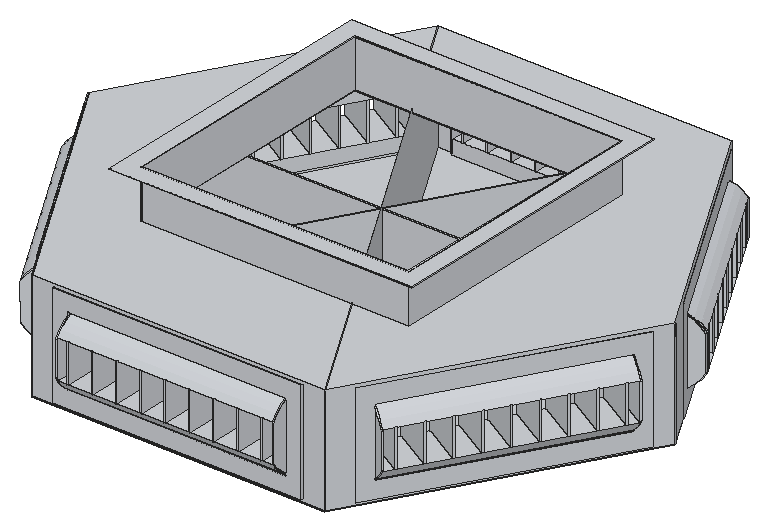
Revit family "DPD-6", category Mechanical Equipment, Revit 2015
Parameters (values of type "DPD6-10 (4000 cfm)")
  URL = "http://unitedenertech.com/catalog/pdf/H_4%20DPD-6.pdf"
  Type Comments = "Size Options are Listed as Family Types"
  T = 1' - 10"
  Model = "DPD-6"
  Manufacturer = "United Enertech Corporation"
  Grille Length = 1' - 6"
  Grille Height = 0' - 6"
  F = 0' - 9"
  Description = "Drop Diffuser / Plenum"
  B = 3' - 6"
Types (11): name | T | Grille Length | Grille Height | F | B
  (no name) | 1' - 10" | 1' - 6" | 0' - 6" | 0' - 9" | 3' - 6"
  DPD6-20 (8000 cfm) | 2' - 6" | 1' - 8" | 0' - 10" | 1' - 1" | 4' - 0"
  DPD6-5 (2000 cfm) | 1' - 2" | 0' - 9" | 0' - 6" | 0' - 9" | 2' - 4"
  DPD6-50 (20000 cfm) | 3' - 8" | 2' - 11" | 1' - 0" | 1' - 3" | 5' - 10"
  DPD6-7.5 (3000 cfm) | 1' - 6" | 1' - 0" | 0' - 6" | 0' - 9" | 2' - 7"
  DPD6-10 (4000 cfm) | 1' - 10" | 1' - 6" | 0' - 6" | 0' - 9" | 3' - 6"
  DPD6-12.5 (5000 cfm) | 2' - 0" | 2' - 0" | 0' - 6" | 0' - 9" | 4' - 4"
  DPD6-15 (6000 cfm) | 2' - 4" | 1' - 8" | 0' - 10" | 1' - 1" | 4' - 0"
  DPD6-25 (10000 cfm) | 3' - 0" | 2' - 1" | 0' - 10" | 1' - 1" | 4' - 6"
  DPD6-30 (12000 cfm) | 3' - 2" | 1' - 8" | 1' - 0" | 1' - 3" | 5' - 0"
  DPD6-40 (16000 cfm) | 3' - 4" | 2' - 6" | 1' - 0" | 1' - 3" | 5' - 7"
Reference planes (in)
  plane 1 "Center (Front/Back)": y = 0
  plane 2: z = 0
  plane 3 "Center (Left/Right)": x = 0
  plane 4: x = -11
  plane 5: x = 11
  plane 6: y = -11
  plane 7: y = 11
  plane 8: x = -12.5
  plane 9: x = 12.5
  plane 10: y = -12.5
  plane 11: y = 12.5
  plane 12: z = 4
  plane 13: z = 3.96
  plane 14: x = -11.04
  plane 15: x = 11.04
  plane 16: y = -11.04
  plane 17: y = 11.04
  plane 18: y = 21
  plane 19: y = -21
  plane 20: through (0, 0, 48) normal (-0.866, -0.5, 0)
  plane 21: through (-11.25833, -22.5, 48) normal (-0.866, -0.5, 0)
  plane 22: through (25.11474, -1.5, 48) normal (-0.866, -0.5, 0)
  plane 23: through (0, 0, 48) normal (-0.866, 0.5, 0)
  plane 24: through (-25.11474, -1.5, 48) normal (-0.866, 0.5, 0)
  plane 25: through (11.25833, -22.5, 48) normal (-0.866, 0.5, 0)
  plane 26: z = -0.04
  plane 27: z = -9
  plane 28: z = -8.96
  plane 29: through (0, 0, 48) normal (0.866, -0.5, 0)
  plane 30: through (0, 0, 48) normal (0.866, 0.5, 0)
  plane 31: y = -20.9375
  plane 32: y = 20.9375
  plane 33: through (-64.14902, 69.23436, 48) normal (0.866, 0.5, 0)
  plane 34: through (-27.8842, 90.17186, 48) normal (0.866, 0.5, 0)
  plane 35: through (47.16602, 123.56894, 48) normal (0.866, -0.5, 0)
  plane 36: through (83.43083, 102.63144, 48) normal (0.866, -0.5, 0)
  plane 37: x = -9
  plane 38: x = 9
  plane 39: z = -1.5
  plane 40: z = -7.5
  plane 41: z = -4.5
  plane 42: y = -20.6875
  plane 43: y = -21.25
  plane 44: y = 20.6875
  plane 45: y = 21.25
  plane 46: through (-21.29897, -10.9841, 48) normal (-0.5, 0.866, 0)
  plane 47: through (20.8509, -11.76018, 48) normal (-0.5, -0.866, 0)
  plane 48: through (20.99949, -22.23827, 48) normal (-0.5, -0.866, 0)
  plane 49: through (-79.75298, 56.7158, 48) normal (0.5, 0.866, 0)
  plane 50: through (87.49613, 109.04774, 48) normal (0.866, -0.5, 0)
  plane 51: through (83.21433, 102.75644, 48) normal (0.866, -0.5, 0)
  plane 52: through (50.69005, 130.29774, 48) normal (0.866, -0.5, 0)
  plane 53: through (47.38253, 123.44394, 48) normal (0.866, -0.5, 0)
  plane 54: through (60.56849, 46.67441, 48) normal (0.5, -0.866, 0)
  plane 55: through (69.56849, 31.08595, 48) normal (0.5, -0.866, 0)
  plane 56: through (-64.77202, 69.68843, 48) normal (0.866, 0.5, 0)
  plane 57: through (-63.93251, 69.35936, 48) normal (0.866, 0.5, 0)
  plane 58: through (-27.96594, 90.93843, 48) normal (0.866, 0.5, 0)
  plane 59: through (-28.10071, 90.04686, 48) normal (0.866, 0.5, 0)
Forms (in)
  Extrusion 1, solid
    sketch origin (0, 0, 0) x (1, 0, 0) y (0, 1, 0)
      loop
        line (-11, 11) -> (-11, -11) -> (11, -11) -> (11, 11) -> (-11, 11)
      loop
        line (-12.5, 12.5) -> (-12.5, -12.5) -> (12.5, -12.5) -> (12.5, 12.5) -> (-12.5, 12.5)
    from 3.96 to 4
  Extrusion 2, solid
    sketch origin (0, 0, 0) x (1, 0, 0) y (0, 1, 0)
      loop
        line (-11, 11) -> (-11, -11) -> (11, -11) -> (11, 11) -> (-11, 11)
      loop
        line (-11.04, -11.04) -> (11.04, -11.04) -> (11.04, 11.04) -> (-11.04, 11.04) -> (-11.04, -11.04)
    from 0 to 3.96
  Extrusion 3, solid
    sketch origin (0, 0, 0) x (1, 0, 0) y (0, 1, 0)
      loop
        line (-12.12436, 21) -> (-24.24871, 0) -> (-12.12436, -21) -> (12.12436, -21) -> (24.24871, 0) -> (12.12436, 21) -> (-12.12436, 21)
    from 0 to -8.96
  Extrusion 4, void
    sketch origin (0, 0, 0) x (1, 0, 0) y (0, 1, 0)
      loop
        line (-11, -11) -> (11, -11) -> (11, 11) -> (-11, 11) -> (-11, -11)
    from -0.64689 to 0.72284
  Extrusion 5, solid
    sketch origin (0, 0, 0) x (1, 0, 0) y (0, 1, 0)
      loop
        line (-12.12436, 21) -> (-24.24871, 0) -> (-12.12436, -21) -> (12.12436, -21) -> (24.24871, 0) -> (12.12436, 21) -> (-12.12436, 21)
    from -8.96 to -9
  Extrusion 6, solid
    sketch origin (0, 0, 0) x (1, 0, 0) y (0, 1, 0)
      loop
        line (-12.12436, -21) -> (-12.0926, -21) -> (12.14023, 20.9725) -> (12.12436, 21) -> (-12.12436, -21)
    from -0.04 to -8.96
  Extrusion 7, solid
    sketch origin (0, 0, 0) x (1, 0, 0) y (0, 1, 0)
      loop
        line (12.12436, -21) -> (-12.12436, 21) -> (-12.141, 20.97118) -> (12.09108, -21) -> (12.12436, -21)
    from -0.04 to -8.96
  Extrusion 8, solid
    sketch origin (0, 0, 0) x (1, 0, 0) y (0, 1, 0)
      loop
        line (-24.24871, 0) -> (-24.2235, -0.04366) -> (24.24871, 0) -> (24.2235, 0.04366) -> (-24.24871, 0)
    from -8.96 to -0.04
  Extrusion 9, void
    sketch origin (0, 0, 0) x (1, 0, 0) y (0, 1, 0)
      loop
        line (-12.08827, 20.9375) -> (-24.17654, 0) -> (-12.08827, -20.9375) -> (12.08827, -20.9375) -> (24.17654, 0) -> (12.08827, 20.9375) -> (-12.08827, 20.9375)
    from -8.96 to -0.04
  Extrusion 10, void
    sketch origin (0, 0, 0) x (1, 0, 0) y (0, 0, 1)
      loop
        line (-9, -7.5) -> (9, -7.5) -> (9, -1.5) -> (-9, -1.5) -> (-9, -7.5)
    from 20.6875 to 21.25
  Extrusion 11, void
    sketch origin (0, 0, 0) x (1, 0, 0) y (0, 0, 1)
      loop
        line (-9, -7.5) -> (9, -7.5) -> (9, -1.5) -> (-9, -1.5) -> (-9, -7.5)
    from -21.25 to -20.6875
  Extrusion 12, void
    sketch origin (14.24245, -11.98438, 0) x (0.5, 0.866025, 0) y (0, 0, 1)
      loop
        line (-5.50162, -7.5) -> (12.49838, -7.5) -> (12.49838, -1.5) -> (-5.50162, -1.5) -> (-5.50162, -7.5)
    from 2.36099 to 2.92349
  Extrusion 13, void
    sketch origin (-115.75755, -11.98438, 0) x (0.5, 0.866025, 0) y (0, 0, 1)
      loop
        line (59.49838, -7.5) -> (77.49838, -7.5) -> (77.49838, -1.5) -> (59.49838, -1.5) -> (59.49838, -7.5)
    from 73.00679 to 73.56929
  Extrusion 14, void
    sketch origin (-91.24245, -11.98438, 0) x (0.5, -0.866025, 0) y (0, 0, 1)
      loop
        line (25.10547, -7.5) -> (43.10547, -7.5) -> (43.10547, -1.5) -> (25.10547, -1.5) -> (25.10547, -7.5)
    from -64.32297 to -63.76047
  Extrusion 15, void
    sketch origin (-64.24245, -11.98438, 0) x (0.5, -0.866025, 0) y (0, 0, 1)
      loop
        line (11.60547, -7.5) -> (29.60547, -7.5) -> (29.60547, -1.5) -> (11.60547, -1.5) -> (11.60547, -7.5)
    from -82.87778 to -82.31528
Cuts and joins
  Extrusion 4, Extrusion 9 cuts Extrusion 1
  Extrusion 4, Extrusion 9 cuts Extrusion 2
  Extrusion 4, Extrusion 9, Extrusion 10, Extrusion 11, Extrusion 12, Extrusion 13, Extrusion 14, Extrusion 15 cuts Extrusion 3
  Extrusion 10 cuts Extrusion 6
  Extrusion 10 cuts Extrusion 7
  Extrusion 10 cuts Extrusion 8
Dimensions and locks (in)
  equal spacing: plane 4, plane 3 "Center (Left/Right)", plane 5
  "T": plane 4 to plane 5
  equal spacing: plane 7, plane 1 "Center (Front/Back)", plane 6
  "T": plane 7 to plane 6
  locked: plane 8 to plane 4 at 1.5
  locked: plane 5 to plane 9 at 1.5
  locked: plane 11 to plane 7 at 1.5
  locked: plane 6 to plane 10 at 1.5
  locked: plane 12 to level at 4
  locked: plane 12 to plane 13 at 0.04
  locked: plane 14 to plane 4 at 0.04
  locked: plane 5 to plane 15 at 0.04
  locked: plane 7 to plane 17 at 0.04
  locked: plane 6 to plane 16 at 0.04
  equal spacing: plane 18, plane 1 "Center (Front/Back)", plane 19
  "B": plane 18 to plane 19
  equal spacing: plane 21, plane 20, plane 22
  "B": plane 21 to plane 22
  equal spacing: plane 24, plane 23, plane 25
  "B": plane 24 to plane 25
  locked: level to plane 26 at 0.04
  "F": level to plane 27
  locked: plane 28 to plane 27 at 0.04
  locked: plane 31 to plane 19 at 0.0625
  locked: plane 32 to plane 18 at 0.0625
  locked: plane 21 to plane 33 at 0.0625
  locked: plane 34 to plane 22 at 0.0625
  locked: plane 35 to plane 24 at 0.0625
  locked: plane 36 to plane 25 at 0.0625
  equal spacing: plane 37, plane 3 "Center (Left/Right)", plane 38
  "Grille Length": plane 37 to plane 38
  equal spacing: level, plane 41, plane 27
  equal spacing: plane 39, plane 41, plane 40
  "Grille Height": plane 39 to plane 40
  locked: plane 42 to plane 31 at 0.25
  locked: plane 19 to plane 43 at 0.25
  locked: plane 44 to plane 32 at 0.25
  locked: plane 45 to plane 18 at 0.25
  equal spacing: plane 48, plane 47, plane 49
  "Grille Length": plane 48 to plane 49
  locked: plane 25 to plane 50 at 0.25
  locked: plane 36 to plane 51 at 0.25
  locked: plane 52 to plane 24 at 0.25
  locked: plane 35 to plane 53 at 0.25
  equal spacing: plane 55, plane 46, plane 54
  "Grille Length": plane 55 to plane 54
  locked: plane 21 to plane 56 at 0.25
  locked: plane 57 to plane 33 at 0.25
  locked: plane 22 to plane 58 at 0.25
  locked: plane 59 to plane 34 at 0.25
  aligned and locked: level to plane 2
  aligned and locked: Extrusion 1 sketch curve to plane 7
  aligned and locked: plane 6 to Extrusion 1 sketch curve
  aligned and locked: Extrusion 1 sketch curve to plane 4
  aligned and locked: Extrusion 1 sketch curve to plane 5
  aligned and locked: Extrusion 1 sketch curve to plane 11
  aligned and locked: plane 10 to Extrusion 1 sketch curve
  aligned and locked: Extrusion 1 sketch curve to plane 9
  aligned and locked: Extrusion 1 sketch curve to plane 8
  aligned and locked: plane 12 to Extrusion 1
  aligned and locked: Extrusion 1 to plane 13
  aligned and locked: Extrusion 2 sketch curve to plane 7
  aligned and locked: plane 6 to Extrusion 2 sketch curve
  aligned and locked: Extrusion 2 sketch curve to plane 5
  aligned and locked: Extrusion 2 sketch curve to plane 4
  aligned and locked: Extrusion 2 sketch curve to plane 17
  aligned and locked: plane 14 to Extrusion 2 sketch curve
  aligned and locked: plane 15 to Extrusion 2 sketch curve
  aligned and locked: Extrusion 2 sketch curve to plane 16
  aligned and locked: plane 13 to Extrusion 2
  aligned and locked: Extrusion 2 to level
  aligned and locked: Extrusion 3 sketch curve to plane 19
  aligned and locked: plane 18 to Extrusion 3 sketch curve
  aligned and locked: plane 21 to Extrusion 3 sketch curve
  aligned and locked: Extrusion 3 sketch curve to plane 22
  aligned and locked: plane 24 to Extrusion 3 sketch curve
  aligned and locked: Extrusion 3 sketch curve to plane 25
  aligned and locked: level to Extrusion 3
  aligned and locked: plane 7 to Extrusion 4 sketch curve
  aligned and locked: plane 4 to Extrusion 4 sketch curve
  aligned and locked: plane 5 to Extrusion 4 sketch curve
  aligned and locked: Extrusion 4 sketch curve to plane 6
  aligned and locked: Extrusion 5 to plane 27
  aligned and locked: plane 28 to Extrusion 5
  aligned and locked: plane 19 to Extrusion 6 sketch curve
  aligned and locked: plane 29 to Extrusion 6 sketch curve
  aligned and locked: plane 22 to Extrusion 6 sketch curve
  aligned and locked: plane 24 to Extrusion 7 sketch curve
  aligned and locked: Extrusion 7 sketch curve to plane 20
  aligned and locked: Extrusion 7 sketch curve to plane 19
  aligned and locked: Extrusion 6 to plane 28
  aligned and locked: Extrusion 7 to plane 28
  aligned and locked: plane 26 to Extrusion 6
  aligned and locked: plane 26 to Extrusion 7
  aligned and locked: plane 21 to Extrusion 8 sketch curve
  aligned and locked: plane 22 to Extrusion 8 sketch curve
  aligned and locked: Extrusion 8 to plane 28
  aligned and locked: plane 26 to Extrusion 8
  aligned and locked: Extrusion 3 to Extrusion 5
  aligned and locked: Extrusion 9 sketch curve to plane 32
  aligned and locked: Extrusion 9 sketch curve to plane 31
  aligned and locked: Extrusion 9 sketch curve to plane 33
  aligned and locked: Extrusion 9 sketch curve to plane 36
  aligned and locked: Extrusion 9 sketch curve to plane 34
  aligned and locked: Extrusion 9 sketch curve to plane 35
  aligned and locked: cut or joined group of Extrusion 3, Extrusion 4, Extrusion 9, Extrusion 10, Extrusion 11, Extrusion 12, Extrusion 13, Extrusion 14, Extrusion 15 to Extrusion 9
  aligned and locked: plane 26 to Extrusion 9
  aligned and locked: Extrusion 10 sketch curve to plane 39
  aligned and locked: plane 37 to Extrusion 10 sketch curve
  aligned and locked: plane 40 to Extrusion 10 sketch curve
  aligned and locked: plane 38 to Extrusion 10 sketch curve
  aligned and locked: plane 42 to Extrusion 10
  aligned and locked: Extrusion 10 to plane 43
  aligned and locked: Extrusion 11 to plane 45
  aligned and locked: plane 44 to Extrusion 11
  aligned and locked: plane 49 to Extrusion 12  (x2)
  aligned and locked: plane 48 to Extrusion 12  (x2)
  aligned and locked: Extrusion 12 to plane 51
  aligned and locked: plane 50 to Extrusion 12
  aligned and locked: plane 49 to Extrusion 13
  aligned and locked: plane 48 to Extrusion 13
  aligned and locked: Extrusion 13 to plane 53
  aligned and locked: plane 52 to Extrusion 13
  aligned and locked: plane 55 to Extrusion 15
  aligned and locked: plane 55 to Extrusion 14
  aligned and locked: Extrusion 14 to plane 54
  aligned and locked: Extrusion 15 to plane 54
  aligned and locked: Extrusion 15 to plane 58
  aligned and locked: plane 59 to Extrusion 15
  aligned and locked: plane 57 to Extrusion 14
  aligned and locked: Extrusion 14 to plane 56
  aligned and locked: plane 19 to nested 1
  aligned and locked: nested 2 to plane 18
  aligned and locked: plane 25 to nested 3
  aligned and locked: nested 4 to plane 21
  aligned and locked: plane 22 to nested 5
  aligned and locked: nested 6 to plane 24
  aligned and locked: nested 1 to plane 40
  aligned and locked: nested 2 to plane 40
  aligned and locked: nested 4 to plane 40
  aligned and locked: nested 3 to plane 40
  aligned and locked: nested 6 to plane 40
  aligned and locked: nested 5 to plane 40
Automatic sketch dimensions
  plane 1 "Center (Front/Back)" to Extrusion 5 sketch curve = 0' - 0"  (x2)
  plane 21 to Extrusion 5 sketch curve = 0' - 0"  (x2)
  Extrusion 5 sketch curve to plane 18 = 0' - 0"
  plane 20 to Extrusion 5 sketch curve = 0' - 0"  (x2)
  Extrusion 5 sketch curve to plane 19 = 0' - 0"
  plane 22 to Extrusion 5 sketch curve = 0' - 0"  (x2)
  Extrusion 6 sketch curve to Extrusion 6 sketch curve = 0' - 0.03176"
  Extrusion 6 sketch curve to plane 18 = 0' - 0.0275"
  Extrusion 7 sketch curve to plane 18 = 0' - 0.02882"
  Extrusion 7 sketch curve to Extrusion 7 sketch curve = 0' - 0.03328"
  plane 1 "Center (Front/Back)" to Extrusion 8 sketch curve = 0' - 0"  (x2)
  plane 1 "Center (Front/Back)" to Extrusion 8 sketch curve = 0' - 0.04366"
  Extrusion 8 sketch curve to plane 1 "Center (Front/Back)" = 0' - 0.04366"
  plane 37 to Extrusion 11 sketch curve = 0' - 0"
  Extrusion 11 sketch curve to plane 38 = 0' - 0"
  Extrusion 11 sketch curve to plane 40 = 0' - 0"
  Extrusion 11 sketch curve to plane 39 = 0' - 0"
  plane 39 to Extrusion 12 sketch curve = 0' - 0"
  Extrusion 12 sketch curve to plane 48 = 0' - 0"
  Extrusion 12 sketch curve to plane 49 = 0' - 0"
  plane 40 to Extrusion 12 sketch curve = 0' - 0"
  plane 39 to Extrusion 13 sketch curve = 0' - 0"
  Extrusion 13 sketch curve to plane 48 = 0' - 0"
  Extrusion 13 sketch curve to plane 49 = 0' - 0"
  plane 40 to Extrusion 13 sketch curve = 0' - 0"
  plane 39 to Extrusion 15 sketch curve = 0' - 0"
  plane 40 to Extrusion 15 sketch curve = 0' - 0"
  plane 46 to Extrusion 15 sketch curve = 0' - 9"
  Extrusion 15 sketch curve to plane 46 = 0' - 9"
  plane 39 to Extrusion 14 sketch curve = 0' - 0"
  plane 40 to Extrusion 14 sketch curve = 0' - 0"
  plane 46 to Extrusion 14 sketch curve = 0' - 9"
  Extrusion 14 sketch curve to Extrusion 14 sketch curve = 1' - 6"
Nested families (in)
  nested 1: "Drum Louver" at (0, -19.75, -4.5), type "Drum Louver"
    with DPD6-50 Visibility no, DPD6-40 Visibility no, DPD6-25 no, DPD6-12.5 no, DPD6-10 yes, Radius 0' - 3", Grille Length 1' - 6", Grille Height 0' - 6", B 0' - 1.248"
  nested 2: "Drum Louver" at (0, 19.75, -4.5) x (-1, 0, 0) z (0, 0, 1), type "Drum Louver"
    with DPD6-50 Visibility no, DPD6-40 Visibility no, DPD6-25 no, DPD6-12.5 no, DPD6-10 yes, Radius 0' - 3", Grille Length 1' - 6", Grille Height 0' - 6", B 0' - 1.248"
  nested 3: "Drum Louver" at (17.22442, -9.66643, -4.5) x (0.5, 0.866, 0) z (0, 0, 1), type "Drum Louver"
    with DPD6-50 Visibility no, DPD6-40 Visibility no, DPD6-25 no, DPD6-12.5 no, DPD6-10 yes, Radius 0' - 3", Grille Length 1' - 6", Grille Height 0' - 6", B 0' - 1.248"
  nested 4: "Drum Louver" at (-17.67249, -8.89035, -4.5) x (0.5, -0.866, 0) z (0, 0, 1), type "Drum Louver"
    with DPD6-50 Visibility no, DPD6-40 Visibility no, DPD6-25 no, DPD6-12.5 no, DPD6-10 yes, Radius 0' - 3", Grille Length 1' - 6", Grille Height 0' - 6", B 0' - 1.248"
  nested 5: "Drum Louver" at (16.53551, 10.85965, -4.5) x (-0.5, 0.866, 0) z (0, 0, 1), type "Drum Louver"
    with DPD6-50 Visibility no, DPD6-40 Visibility no, DPD6-25 no, DPD6-12.5 no, DPD6-10 yes, Radius 0' - 3", Grille Length 1' - 6", Grille Height 0' - 6", B 0' - 1.248"
  nested 6: "Drum Louver" at (-16.98358, 10.08357, -4.5) x (-0.5, -0.866, 0) z (0, 0, 1), type "Drum Louver"
    with DPD6-50 Visibility no, DPD6-40 Visibility no, DPD6-25 no, DPD6-12.5 no, DPD6-10 yes, Radius 0' - 3", Grille Length 1' - 6", Grille Height 0' - 6", B 0' - 1.248"
Definition of nested family "Drum Louver"
  Parameters (values of type "Drum Louver")
    Radius = Grille Height / 2  # 0' - 6"
    Grille Length = 2' - 11"
    Grille Height = 1' - 0"
    DPD6-50 Visibility [instance] = if(Grille Length > 2' 6 1/8", 2 > 1, 1 > 2)  # yes
    DPD6-40 Visibility [instance] = if(Grille Length > 2' 1 1/8", 2 > 1, 1 > 2)  # yes
    DPD6-25 [instance] = if(Grille Length > 2' 0 1/8", 2 > 1, 1 > 2)  # yes
    DPD6-12.5 [instance] = if(Grille Length > 1' 8 1/8", 2 > 1, 1 > 2)  # yes
    DPD6-10 [instance] = if(Grille Length > 1' 0 1/8", 2 > 1, 1 > 2)  # yes
    C = 0' - 2 3/4"
    B = Radius * 0.416  # 0' - 2.496"
  Reference planes (in)
    plane 1 "Center (Front/Back)": y = 0
    plane 2: z = 0
    plane 3 "Center (Left/Right)": x = 0
    plane 4: y = 1.375
    plane 5: y = -1.375
    plane 6: y = -3.871
    plane 7: z = 6
    plane 8: z = -6
    plane 9: x = -17.5
    plane 10: x = 17.5
    plane 11: x = 17.375
    plane 12: x = -17.375
    plane 13: x = -18.75
    plane 14: x = 18.75
    plane 15: z = -7.25
    plane 16: z = 7.25
    plane 17: z = 5.875
    plane 18: z = -5.875
    plane 19: x = -0.0625
    plane 20: x = 1.9375
    plane 21: x = 3.9375
    plane 22: x = 5.9375
    plane 23: x = 7.9375
    plane 24: x = 9.9375
    plane 25: x = 11.9375
    plane 26: x = 13.9375
    plane 27: x = 15.9375
    plane 28: x = -2.0625
    plane 29: x = -4.0625
    plane 30: x = -6.0625
    plane 31: x = -8.0625
    plane 32: x = -10.0625
    plane 33: x = -12.0625
    plane 34: x = -14.0625
    plane 35: x = -16.0625
  Forms (in)
    Extrusion 1, solid
      sketch origin (0, 0, 0) x (0, 1, 0) y (0, 0, 1)
        loop
          circle (0, 0) r 6
      from 17.375 to 17.5
    Extrusion 2, solid
      sketch origin (0, 0, 0) x (0, 1, 0) y (0, 0, -1)
        loop
          circle (0, 0) r 6
      from 17.375 to 17.5
    Extrusion 3, void
      sketch origin (0, 0, 0) x (0, 1, 0) y (0, 0, 1)
        loop
          line (1.375, -7.75) -> (7.125, -7.75) -> (7.125, 8.25) -> (1.375, 8.25) -> (1.375, -7.75)
      from 17.375 to 17.5
    Extrusion 4, void
      sketch origin (0, 0, 0) x (0, 1, 0) y (0, 0, 1)
        loop
          line (-3.871, 6.75) -> (-12.871, 6.75) -> (-12.871, -7.25) -> (-3.871, -7.25) -> (-3.871, 6.75)
      from 17.375 to 17.5
    Extrusion 5, void
      sketch origin (0, 0, 0) x (0, 1, 0) y (0, 0, 1)
        loop
          line (1.375, -7.75) -> (7.125, -7.75) -> (7.125, 8.25) -> (1.375, 8.25) -> (1.375, -7.75)
      from -17.5 to -17.375
    Extrusion 6, void
      sketch origin (0, 0, 0) x (0, 1, 0) y (0, 0, 1)
        loop
          line (-3.871, 6.75) -> (-12.871, 6.75) -> (-12.871, -7.25) -> (-3.871, -7.25) -> (-3.871, 6.75)
      from -17.5 to -17.375
    Extrusion 7, solid
      sketch origin (0, 0, 0) x (0, 1, 0) y (0, 0, 1)
        loop
          arc (1.375, 5.84032) -> (-1.39958, 5.83448) -> (-3.87487, 4.58098) r 6
          line (-3.87487, 4.58098) -> (1.375, 4.58098) -> (1.375, 5.84032)
      from -17.375 to 17.375
    Extrusion 8, solid
      sketch origin (0, 0, 0) x (0, 1, 0) y (0, 0, 1)
        loop
          line (1.375, -5.84032) -> (1.375, -4.58425) -> (-3.871, -4.58425)
          arc (-3.871, -4.58425) -> (-1.39712, -5.83507) -> (1.375, -5.84032) r 6
      from -17.375 to 17.375
    Extrusion 9, solid
      sketch origin (0, 0, 0) x (0, 1, 0) y (0, 0, 1)
        loop
          line (-1.375, 7.25) -> (-1.375, -7.25) -> (-1.25, -7.25) -> (-1.25, 7.25) -> (-1.375, 7.25)
      from -18.75 to 18.75
    Extrusion 10, void
      sketch origin (0, 0, 0) x (1, 0, 0) y (0, 0, 1)
        loop
          line (-17.5, -5.875) -> (17.5, -5.875) -> (17.5, 5.875) -> (-17.5, 5.875) -> (-17.5, -5.875)
      from 0.8783 to 1.75664
    Extrusion 11, solid
      sketch origin (2.4375, 0, 0) x (1, 0, 0) y (0, 0, 1)
        loop
          line (-2.5, -4.58425) -> (-2.375, -4.58425) -> (-2.375, 4.58098) -> (-2.5, 4.58098) -> (-2.5, -4.58425)
      from -1.375 to 3.871
    Extrusion 12, solid
      sketch origin (4.4375, 0, 0) x (1, 0, 0) y (0, 0, 1)
        loop
          line (-2.5, -4.58425) -> (-2.375, -4.58425) -> (-2.375, 4.58098) -> (-2.5, 4.58098) -> (-2.5, -4.58425)
      from -1.375 to 3.871
    Extrusion 13, solid
      sketch origin (6.4375, 0, 0) x (1, 0, 0) y (0, 0, 1)
        loop
          line (-2.5, -4.58425) -> (-2.375, -4.58425) -> (-2.375, 4.58098) -> (-2.5, 4.58098) -> (-2.5, -4.58425)
      from -1.375 to 3.871
    Extrusion 14, solid, visible <- "DPD6-10"
      sketch origin (8.4375, 0, 0) x (1, 0, 0) y (0, 0, 1)
        loop
          line (-2.5, -4.58425) -> (-2.375, -4.58425) -> (-2.375, 4.58098) -> (-2.5, 4.58098) -> (-2.5, -4.58425)
      from -1.375 to 3.871
    Extrusion 15, solid, visible <- "DPD6-10"
      sketch origin (10.4375, 0, 0) x (1, 0, 0) y (0, 0, 1)
        loop
          line (-2.5, -4.58425) -> (-2.375, -4.58425) -> (-2.375, 4.58098) -> (-2.5, 4.58098) -> (-2.5, -4.58425)
      from -1.375 to 3.871
    Extrusion 16, solid, visible <- "DPD6-12.5"
      sketch origin (12.4375, 0, 0) x (1, 0, 0) y (0, 0, 1)
        loop
          line (-2.5, -4.58425) -> (-2.375, -4.58425) -> (-2.375, 4.58098) -> (-2.5, 4.58098) -> (-2.5, -4.58425)
      from -1.375 to 3.871
    Extrusion 17, solid, visible <- "DPD6-25"
      sketch origin (14.4375, 0, 0) x (1, 0, 0) y (0, 0, 1)
        loop
          line (-2.5, -4.58425) -> (-2.375, -4.58425) -> (-2.375, 4.58098) -> (-2.5, 4.58098) -> (-2.5, -4.58425)
      from -1.375 to 3.871
    Extrusion 18, solid, visible <- "DPD6-40 Visibility"
      sketch origin (16.4375, 0, 0) x (1, 0, 0) y (0, 0, 1)
        loop
          line (-2.5, -4.58425) -> (-2.375, -4.58425) -> (-2.375, 4.58098) -> (-2.5, 4.58098) -> (-2.5, -4.58425)
      from -1.375 to 3.871
    Extrusion 19, solid, visible <- "DPD6-50 Visibility"
      sketch origin (18.4375, 0, 0) x (1, 0, 0) y (0, 0, 1)
        loop
          line (-2.5, -4.58425) -> (-2.375, -4.58425) -> (-2.375, 4.58098) -> (-2.5, 4.58098) -> (-2.5, -4.58425)
      from -1.375 to 3.871
    Extrusion 20, solid
      sketch origin (0.4375, 0, 0) x (1, 0, 0) y (0, 0, 1)
        loop
          line (-2.5, -4.58425) -> (-2.375, -4.58425) -> (-2.375, 4.58098) -> (-2.5, 4.58098) -> (-2.5, -4.58425)
      from -1.375 to 3.871
    Extrusion 21, solid
      sketch origin (-1.5625, 0, 0) x (1, 0, 0) y (0, 0, 1)
        loop
          line (-2.5, -4.58425) -> (-2.375, -4.58425) -> (-2.375, 4.58098) -> (-2.5, 4.58098) -> (-2.5, -4.58425)
      from -1.375 to 3.871
    Extrusion 22, solid, visible <- "DPD6-10"
      sketch origin (-3.5625, 0, 0) x (1, 0, 0) y (0, 0, 1)
        loop
          line (-2.5, -4.58425) -> (-2.375, -4.58425) -> (-2.375, 4.58098) -> (-2.5, 4.58098) -> (-2.5, -4.58425)
      from -1.375 to 3.871
    Extrusion 23, solid, visible <- "DPD6-10"
      sketch origin (-5.5625, 0, 0) x (1, 0, 0) y (0, 0, 1)
        loop
          line (-2.5, -4.58425) -> (-2.375, -4.58425) -> (-2.375, 4.58098) -> (-2.5, 4.58098) -> (-2.5, -4.58425)
      from -1.375 to 3.871
    Extrusion 24, solid, visible <- "DPD6-12.5"
      sketch origin (-7.5625, 0, 0) x (1, 0, 0) y (0, 0, 1)
        loop
          line (-2.5, -4.58425) -> (-2.375, -4.58425) -> (-2.375, 4.58098) -> (-2.5, 4.58098) -> (-2.5, -4.58425)
      from -1.375 to 3.871
    Extrusion 25, solid, visible <- "DPD6-25"
      sketch origin (-9.5625, 0, 0) x (1, 0, 0) y (0, 0, 1)
        loop
          line (-2.5, -4.58425) -> (-2.375, -4.58425) -> (-2.375, 4.58098) -> (-2.5, 4.58098) -> (-2.5, -4.58425)
      from -1.375 to 3.871
    Extrusion 26, solid, visible <- "DPD6-40 Visibility"
      sketch origin (-11.5625, 0, 0) x (1, 0, 0) y (0, 0, 1)
        loop
          line (-2.5, -4.58425) -> (-2.375, -4.58425) -> (-2.375, 4.58098) -> (-2.5, 4.58098) -> (-2.5, -4.58425)
      from -1.375 to 3.871
    Extrusion 27, solid, visible <- "DPD6-50 Visibility"
      sketch origin (-13.5625, 0, 0) x (1, 0, 0) y (0, 0, 1)
        loop
          line (-2.5, -4.58425) -> (-2.375, -4.58425) -> (-2.375, 4.58098) -> (-2.5, 4.58098) -> (-2.5, -4.58425)
      from -1.375 to 3.871
  Cuts and joins
    Extrusion 3, Extrusion 4, Extrusion 5, Extrusion 6 cuts Extrusion 1
    Extrusion 5, Extrusion 6 cuts Extrusion 2
    Extrusion 10 cuts Extrusion 9
  Dimensions and locks (in)
    equal spacing: plane 4, plane 1 "Center (Front/Back)", plane 5
    "C": plane 4 to plane 5
    "B": plane 5 to plane 6
    equal spacing: plane 7, level, plane 8
    "Grille Height": plane 7 to plane 8
    equal spacing: plane 9, plane 3 "Center (Left/Right)", plane 10
    "Grille Length": plane 9 to plane 10
    locked: plane 11 to plane 10 at 0.125
    locked: plane 9 to plane 12 at 0.125
    locked: plane 13 to plane 9 at 1.25
    locked: plane 10 to plane 14 at 1.25
    locked: plane 16 to plane 7 at 1.25
    locked: plane 8 to plane 15 at 1.25
    locked: plane 7 to plane 17 at 0.125
    locked: plane 18 to plane 8 at 0.125
    locked: plane 19 to plane 3 "Center (Left/Right)" at 0.0625
    locked: plane 19 to plane 20 at 2
    locked: plane 20 to plane 21 at 2
    locked: plane 21 to plane 22 at 2
    locked: plane 22 to plane 23 at 2
    locked: plane 23 to plane 24 at 2
    locked: plane 24 to plane 25 at 2
    locked: plane 25 to plane 26 at 2
    locked: plane 26 to plane 27 at 2
    locked: plane 28 to plane 19 at 2
    locked: plane 29 to plane 28 at 2
    locked: plane 35 to plane 34 at 2
    locked: plane 34 to plane 33 at 2
    locked: plane 33 to plane 32 at 2
    locked: plane 32 to plane 31 at 2
    locked: plane 31 to plane 30 at 2
    locked: plane 30 to plane 29 at 2
    "Radius": radius of Extrusion 1 sketch curve
    "Radius": radius of Extrusion 2 sketch curve
    aligned and locked: level to plane 2
    aligned and locked: plane 10 to Extrusion 1
    aligned and locked: plane 11 to Extrusion 1
    aligned and locked: plane 9 to Extrusion 2
    aligned and locked: plane 12 to Extrusion 2
    aligned and locked: Extrusion 4 sketch curve to plane 6
    aligned and locked: Extrusion 1 to Extrusion 3
    aligned and locked: Extrusion 3 to Extrusion 1
    aligned and locked: Extrusion 4 to Extrusion 1
    aligned and locked: Extrusion 1 to Extrusion 4
    aligned and locked: plane 9 to Extrusion 5
    aligned and locked: plane 12 to Extrusion 5
    aligned and locked: plane 9 to Extrusion 6
    aligned and locked: plane 12 to Extrusion 6
    aligned and locked: Extrusion 7 to plane 12
    aligned and locked: Extrusion 8 to plane 12
    aligned and locked: Extrusion 7 to plane 11
    aligned and locked: Extrusion 8 to plane 11
    aligned and locked: plane 13 to Extrusion 9
    aligned and locked: plane 14 to Extrusion 9
    aligned and locked: plane 16 to Extrusion 9
    aligned and locked: Extrusion 9 to plane 15
    aligned and locked: plane 17 to Extrusion 10 sketch curve
    aligned and locked: plane 18 to Extrusion 10 sketch curve
    aligned and locked: plane 9 to Extrusion 10 sketch curve
    aligned and locked: plane 10 to Extrusion 10 sketch curve
    aligned and locked: plane 6 to Extrusion 11
    aligned and locked: Extrusion 11 to plane 19
    aligned and locked: plane 6 to Extrusion 12
    aligned and locked: Extrusion 12 to plane 20
    aligned and locked: Extrusion 13 to plane 21
    aligned and locked: plane 6 to Extrusion 13
    aligned and locked: Extrusion 14 to plane 22
    aligned and locked: Extrusion 15 to plane 23
    aligned and locked: Extrusion 16 to plane 24
    aligned and locked: plane 6 to Extrusion 14
    aligned and locked: plane 6 to Extrusion 15
    aligned and locked: plane 6 to Extrusion 16
    aligned and locked: Extrusion 17 to plane 25
    aligned and locked: Extrusion 18 to plane 26
    aligned and locked: Extrusion 19 to plane 27
    aligned and locked: plane 6 to Extrusion 17
    aligned and locked: plane 6 to Extrusion 18
    aligned and locked: plane 6 to Extrusion 19
    aligned and locked: Extrusion 27 to plane 35
    aligned and locked: Extrusion 26 to plane 34
    aligned and locked: Extrusion 25 to plane 33
    aligned and locked: Extrusion 24 to plane 32
    aligned and locked: Extrusion 23 to plane 31
    aligned and locked: Extrusion 22 to plane 30
    aligned and locked: Extrusion 21 to plane 29
    aligned and locked: Extrusion 20 to plane 28
    aligned and locked: plane 6 to Extrusion 27
    aligned and locked: plane 6 to Extrusion 26
    aligned and locked: plane 6 to Extrusion 25
    aligned and locked: plane 6 to Extrusion 24
    aligned and locked: plane 6 to Extrusion 23
    aligned and locked: plane 6 to Extrusion 22
    aligned and locked: plane 6 to Extrusion 21
    aligned and locked: plane 6 to Extrusion 20
  Automatic sketch dimensions
    Extrusion 1 sketch curve to level = 0' - 0"
    Extrusion 1 sketch curve to plane 1 "Center (Front/Back)" = 0' - 0"
    Extrusion 2 sketch curve to level = 0' - 0"
    Extrusion 2 sketch curve to plane 1 "Center (Front/Back)" = 0' - 0"
    Extrusion 3 sketch curve to plane 4 = 0' - 0"
    Extrusion 3 sketch curve to plane 15 = 0' - 0 1/2"
    Extrusion 3 sketch curve to plane 4 = 0' - 5 3/4"
    plane 16 to Extrusion 3 sketch curve = 0' - 1"
    Extrusion 4 sketch curve to plane 15 = 0' - 0"
    Extrusion 4 sketch curve to plane 16 = 0' - 0 1/2"
    Extrusion 4 sketch curve to Extrusion 4 sketch curve = 0' - 9"
    Extrusion 5 sketch curve to plane 4 = 0' - 0"
    Extrusion 5 sketch curve to plane 15 = 0' - 0 1/2"
    Extrusion 5 sketch curve to plane 4 = 0' - 5 3/4"
    plane 16 to Extrusion 5 sketch curve = 0' - 1"
    Extrusion 6 sketch curve to plane 15 = 0' - 0"
    Extrusion 6 sketch curve to plane 6 = 0' - 0"
    Extrusion 6 sketch curve to plane 16 = 0' - 0 1/2"
    Extrusion 6 sketch curve to Extrusion 6 sketch curve = 0' - 9"
    Extrusion 7 sketch curve to level = 0' - 0"
    Extrusion 7 sketch curve to plane 1 "Center (Front/Back)" = 0' - 0"
    Extrusion 7 sketch curve to plane 4 = 0' - 0"
    plane 6 to Extrusion 7 sketch curve = 0' - 0.00387"
    Extrusion 7 sketch curve to plane 17 = 0' - 1.29402"
    Extrusion 8 sketch curve to plane 6 = 0' - 0"
    Extrusion 8 sketch curve to level = 0' - 0"
    Extrusion 8 sketch curve to plane 1 "Center (Front/Back)" = 0' - 0"
    Extrusion 8 sketch curve to plane 4 = 0' - 0"
    Extrusion 8 sketch curve to plane 18 = 0' - 1.29075"
    Extrusion 9 sketch curve to plane 5 = 0' - 0"
    plane 15 to Extrusion 9 sketch curve = 0' - 0"
    plane 16 to Extrusion 9 sketch curve = 0' - 0"
    Extrusion 9 sketch curve to plane 5 = 0' - 0 1/8"
    Extrusion 11 sketch curve to plane 19 = 0' - 0"
    plane 3 "Center (Left/Right)" to Extrusion 11 sketch curve = 0' - 0 1/16"
    Extrusion 11 sketch curve to plane 18 = 0' - 1.29075"
    Extrusion 11 sketch curve to plane 17 = 0' - 1.29402"
    Extrusion 12 sketch curve to plane 20 = 0' - 0"
    plane 20 to Extrusion 12 sketch curve = 0' - 0 1/8"
    Extrusion 12 sketch curve to plane 18 = 0' - 1.29075"
    Extrusion 12 sketch curve to plane 17 = 0' - 1.29402"
    Extrusion 13 sketch curve to plane 21 = 0' - 0"
    plane 21 to Extrusion 13 sketch curve = 0' - 0 1/8"
    Extrusion 13 sketch curve to plane 18 = 0' - 1.29075"
    Extrusion 13 sketch curve to plane 17 = 0' - 1.29402"
    Extrusion 14 sketch curve to plane 22 = 0' - 0"
    plane 22 to Extrusion 14 sketch curve = 0' - 0 1/8"
    Extrusion 14 sketch curve to plane 18 = 0' - 1.29075"
    Extrusion 14 sketch curve to plane 17 = 0' - 1.29402"
    Extrusion 15 sketch curve to plane 23 = 0' - 0"
    plane 23 to Extrusion 15 sketch curve = 0' - 0 1/8"
    Extrusion 15 sketch curve to plane 18 = 0' - 1.29075"
    Extrusion 15 sketch curve to plane 17 = 0' - 1.29402"
    Extrusion 16 sketch curve to plane 24 = 0' - 0"
    plane 24 to Extrusion 16 sketch curve = 0' - 0 1/8"
    Extrusion 16 sketch curve to plane 18 = 0' - 1.29075"
    Extrusion 16 sketch curve to plane 17 = 0' - 1.29402"
    Extrusion 17 sketch curve to plane 25 = 0' - 0"
    plane 25 to Extrusion 17 sketch curve = 0' - 0 1/8"
    Extrusion 17 sketch curve to plane 18 = 0' - 1.29075"
    Extrusion 17 sketch curve to plane 17 = 0' - 1.29402"
    Extrusion 18 sketch curve to plane 26 = 0' - 0"
    plane 26 to Extrusion 18 sketch curve = 0' - 0 1/8"
    Extrusion 18 sketch curve to plane 18 = 0' - 1.29075"
    Extrusion 18 sketch curve to plane 17 = 0' - 1.29402"
    Extrusion 19 sketch curve to plane 27 = 0' - 0"
    plane 27 to Extrusion 19 sketch curve = 0' - 0 1/8"
    Extrusion 19 sketch curve to plane 18 = 0' - 1.29075"
    Extrusion 19 sketch curve to plane 17 = 0' - 1.29402"
    Extrusion 20 sketch curve to plane 28 = 0' - 0"
    plane 28 to Extrusion 20 sketch curve = 0' - 0 1/8"
    Extrusion 20 sketch curve to plane 18 = 0' - 1.29075"
    Extrusion 20 sketch curve to plane 17 = 0' - 1.29402"
    Extrusion 21 sketch curve to plane 29 = 0' - 0"
    plane 29 to Extrusion 21 sketch curve = 0' - 0 1/8"
    Extrusion 21 sketch curve to plane 18 = 0' - 1.29075"
    Extrusion 21 sketch curve to plane 17 = 0' - 1.29402"
    Extrusion 22 sketch curve to plane 30 = 0' - 0"
    plane 30 to Extrusion 22 sketch curve = 0' - 0 1/8"
    Extrusion 22 sketch curve to plane 18 = 0' - 1.29075"
    Extrusion 22 sketch curve to plane 17 = 0' - 1.29402"
    Extrusion 23 sketch curve to plane 31 = 0' - 0"
    plane 31 to Extrusion 23 sketch curve = 0' - 0 1/8"
    Extrusion 23 sketch curve to plane 18 = 0' - 1.29075"
    Extrusion 23 sketch curve to plane 17 = 0' - 1.29402"
    Extrusion 24 sketch curve to plane 32 = 0' - 0"
    plane 32 to Extrusion 24 sketch curve = 0' - 0 1/8"
    Extrusion 24 sketch curve to plane 18 = 0' - 1.29075"
    Extrusion 24 sketch curve to plane 17 = 0' - 1.29402"
    Extrusion 25 sketch curve to plane 33 = 0' - 0"
    plane 33 to Extrusion 25 sketch curve = 0' - 0 1/8"
    Extrusion 25 sketch curve to plane 18 = 0' - 1.29075"
    Extrusion 25 sketch curve to plane 17 = 0' - 1.29402"
    Extrusion 26 sketch curve to plane 34 = 0' - 0"
    plane 34 to Extrusion 26 sketch curve = 0' - 0 1/8"
    Extrusion 26 sketch curve to plane 18 = 0' - 1.29075"
    Extrusion 26 sketch curve to plane 17 = 0' - 1.29402"
    Extrusion 27 sketch curve to plane 35 = 0' - 0"
    plane 35 to Extrusion 27 sketch curve = 0' - 0 1/8"
    Extrusion 27 sketch curve to plane 18 = 0' - 1.29075"
    Extrusion 27 sketch curve to plane 17 = 0' - 1.29402"
